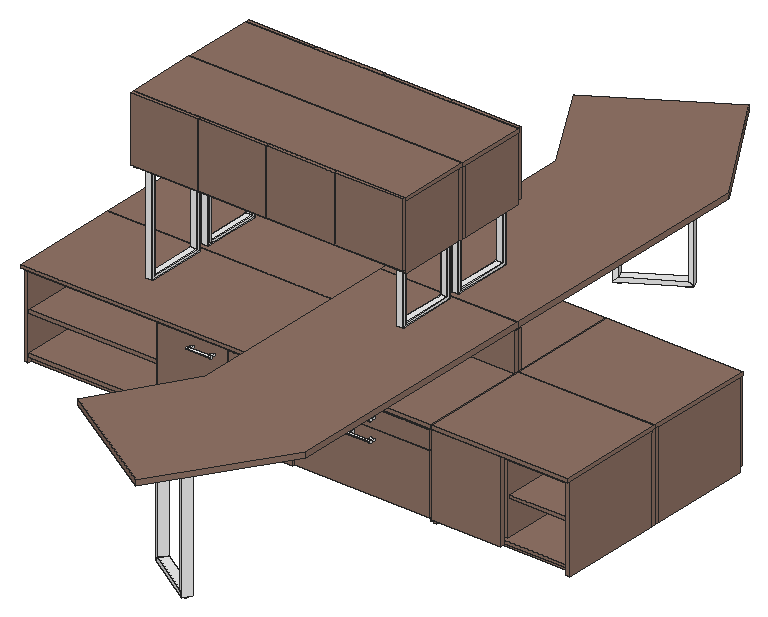
Revit family "VV003family", category Furniture, Revit 2015
Parameters
  Series = "Vision Veneer"
  Manufacturer = "JSI"
  Description = "VV003"
Reference planes (in)
  plane 1 "Center Front/Back": y = 0
  plane 2: z = 0
  plane 3 "Center Left/Right": x = 0
Dimensions and locks (in)
  aligned and locked: level to plane 2
Nested families (in)
  nested 1: "JSI-Vision-90_Bench_Configuration" at (-30, -23.8506351, 0) x (-1, 0, 0) z (0, 0, 1), type "VVB-30BF30HD30OS, Veneer 90"W Mod Bnch BF/HD/OS"
    with BF-R no, BF-L yes
  nested 2: "JSI-Vision-90_Bench_Configuration" at (-120, -23.8506351, 0), type "VVB-30OS30HD30BF, Veneer 90"W Mod Bnch OS/HD/BF"
  nested 3: "JSI-Vision-Modular_Boomerang_Desk_Top-Left" at (-30.0404316, -23.9379193, -1.9202533) x (0, -1, 0) z (0, 0, 1), type "VV3084MBMTL, Veneer Mod Bmrng Top 84"W x 30"D - Left"
    with Wing 1' - 4", Front 1' - 0", Depth 2' - 6"
  nested 4: "JSI-Vision-Modular_Boomerang_Desk_Top-Right" at (-30.0404316, -23.9379193, -1.9202533) x (0, -1, 0) z (0, 0, 1), type "VV3084MBMTR, Veneer Mod Bmrng Top 84"W x 30"D - Right"
    with Wing 1' - 4", Front 1' - 0", Depth 2' - 6"
  nested 5: "JSI-Vision_Bench_Height_T_Sup" at (-23.6012971, -34.732634, 19.5), type "VVB1030TSP, Veneer 30  Bench Height T Supports"
    with Width 2' - 5 5/8"
  nested 6: "JSI-Vision_Bench_Height_T_Sup" at (-66.104566, -13.1006351, 19.5) x (-1, 0, 0) z (0, 0, 1), type "VVB1030TSP, Veneer 30  Bench Height T Supports"
    with Width 2' - 5 5/8"
  nested 7: "JSI-Vision-Sld_Door_Bench_Ped" at (-30, -23.8506351, 0), type "VVB2430SD, Veneer Sld Door Bench H Ped"
  nested 8: "JSI-Vision-Sld_Door_Bench_Ped" at (0, -23.8506351, 0) x (-1, 0, 0) z (0, 0, 1), type "VVB2430SD, Veneer Sld Door Bench H Ped"
  nested 9: "JSI-Vision-U_Base_for_Peninsula_Tops" at (-53.2137783, -89.0540242, -0.7741733) x (0.5446, 0.8387, 0) z (0, 0, 1), type "18US, Stardust Silver U Base for Peninsula Tops, use with 30” deep tops"
  nested 10: "JSI-Vision-U_Base_for_Peninsula_Tops" at (-53.7097567, 43.155938, -0.7964905) x (0.515, -0.8572, 0) z (0, 0, 1), type "18US, Stardust Silver U Base for Peninsula Tops, use with 30” deep tops"
  nested 11: "JSI-Vision-OH_Cab-Split_H_Post" at (-42.1829106, -23.8506351, -10.6270593) x (-1, 0, 0) z (0, 0, 1), type "VV1660PSHD-2737, Veneer Split Height Post Support Overhead Cab. 16" x 60", 4 Doors"
    with Width 5' - 0", Verticall Partition Distance 2' - 6", Unit Centre 2' - 6", Door Width 1' - 2 13/16", Door Array Spacing 1' - 2 15/16"
  nested 12: "JSI-Vision-OH_Cab-Split_H_Post" at (-42.1829106, -23.8506351, -10.6270593) x (-1, 0, 0) z (0, 0, 1), type "VV1660PSHD-2737, Veneer Split Height Post Support Overhead Cab. 16" x 60", 4 Doors"
    with Width 5' - 0", Verticall Partition Distance 2' - 6", Unit Centre 2' - 6", Door Width 1' - 2 13/16", Door Array Spacing 1' - 2 15/16"
Definition of nested family "JSI-Vision-90_Bench_Configuration"
  Parameters (values of type "VLB-30OS30HD30BF, Laminate 90"W Mod Bnch OS/HD/BF")
    Width = 7' - 6"
    URL = "www.jsifurniture.com"
    Top = none
    Tag = "OS-HD-BF"
    Shelf Height = 0' - 8.48844"
    Series = "VISION CASEGOODS"  # constant formula
    Sdr-R = no
    Sdr-L = no
    Sdr-C = yes
    Pull Finish = none
    Model = "VLB-30OS30HD30BF"
    Manufacturer = "JSI"  # constant formula
    Keynote = "12500"
    JSI Enviromental Website = "http://www.jsifurniture.com/jsi_sustainability_intro.php"
    Height = 1' - 7 1/2"
    F-R = no
    F-L = no
    F-C = no
    Drawer Front = none
    Door-R = no
    Door-C = yes
    Door Front = none
    Door-L = no
    Description = "90\"W Modular Bench Height, OS/HD/BF"
    Depth = 2' - 0"
    Chassis = none
    BF-R = yes
    BF-L = no
    Assembly Code = "E2020200"
  Types (2): name | Tag | Model | Description | BF-R | BF-L
    VLB-30OS30HD30BF, Laminate 90"W Mod Bnch OS/HD/BF | "OS-HD-BF" | "VLB-30OS30HD30BF" | "90\"W Modular Bench Height, OS/HD/BF" | yes | no
    VLB-30BF30HD30OS, Laminate 90"W Mod Bnch BF/HD/OS | "BF-HD-OS" | "VLB-30BF30HD30OS" | "90\"W Modular Bench Height, BF/HD/OS" | no | yes
  Reference planes (in)
    plane 1 "Center Front/Back": y = 0
    plane 2: z = 0
    plane 3 "Center Left/Right": x = 0
    plane 4: x = 90
    plane 5: x = 0.1871643
    plane 6: x = 89.8124352
    plane 7: z = 10.425935
    plane 8: z = 19.5
    plane 9: x = 0.75
    plane 10: x = 89.125999
    plane 11: y = -0.8125
    plane 12: y = -23.25
    plane 13: x = 30
    plane 14: z = 18.75
    plane 15: z = 18.6409016
    plane 16: z = 9.675935
    plane 17: z = 1.9374999
    plane 18: z = 1.1874999
    plane 19: y = -23
    plane 20: y = -24
    plane 21: x = 29.25
    plane 22: y = -21.1875
    plane 23: y = -21.9375
    plane 24: z = 1
    plane 25: z = 16.6409016
    plane 26: z = 12.3909016
    plane 27: x = 14.9685822
    plane 28: x = 30.75
    plane 29: x = 29.75
    plane 30: x = 60.25
    plane 31: z = 13.625
    plane 32: z = 11.625
    plane 33: x = 75.0312176
    plane 34: x = 14.8435822
    plane 35: x = 15.0935822
    plane 36: x = 9.3435822
    plane 37: x = 20.5935822
    plane 38: x = 75.1564178
    plane 39: x = 74.9064178
    plane 40: x = 80.6564178
    plane 41: x = 69.4064178
    plane 42: y = -22.75
    plane 43: y = -22.875
    plane 44: x = 60
    plane 45: x = 60.75
    plane 46: x = 59.25
    plane 47: x = 60.25
    plane 48: x = 45.6350365
    plane 49: x = 40.0100365
    plane 50: x = 51.2600365
    plane 51: x = 45.5100365
    plane 52: x = 45.7600365
    plane 53: x = 30.25
    plane 54: x = 59.75
  Forms (in)
    Extrusion 1, solid, material <- "Chassis"
      sketch origin (0, 0, 0) x (1, 0, 0) y (0, 1, 0)
        loop
          line (0, 0) -> (0, -0.8125) -> (90, -0.8125) -> (90, 0) -> (0, 0)
      from 0 to 18.75
    Extrusion 2, solid, material <- "Chassis"
      sketch origin (0.125, -0.1875, 48) x (0, 1, 0) y (0, 0, 1)
        loop
          line (-0.625, -29.25) -> (-22.6875, -29.25) -> (-22.6875, -48) -> (-0.625, -48) -> (-0.625, -29.25)
      from -0.125 to 0.625
    Extrusion 3, solid, material <- "Chassis"
      sketch origin (29.875, -0.1875, 48) x (0, 1, 0) y (0, 0, 1)
        loop
          line (-0.625, -29.25) -> (-22.6875, -29.25) -> (-22.6875, -48) -> (-0.625, -48) -> (-0.625, -29.25)
      from 59.250999 to 60.125
    Extrusion 4, solid, material <- "Chassis"
      sketch origin (0, 0, 0) x (1, 0, 0) y (0, 1, 0)
        loop
          line (0.75, -21.1875) -> (0.75, -21.9375) -> (89.125999, -21.9375) -> (89.125999, -21.1875) -> (0.75, -21.1875)
      from 0 to 1.1874999
    Extrusion 5, solid, material <- "Top"
      sketch origin (0, 0, 0) x (0, 1, 0) y (0, 0, 1)
        loop
          line (0, 18.75) -> (0, 19.5) -> (-24, 19.5) -> (-24, 18.75) -> (0, 18.75)
      from 0 to 90
    Extrusion 6, solid, material <- "Chassis"
      sketch origin (0, 0, 0) x (0, 1, 0) y (0, 0, 1)
        loop
          line (-0.8125, 18.1697085) -> (-0.8125, 18.75) -> (-23.25, 18.75) -> (-23.25, 18.1697085) -> (-0.8125, 18.1697085)
        loop
          line (-0.8125, 1.1874999) -> (-0.8125, 1.9374999) -> (-23, 1.9374999) -> (-23, 1.1874999) -> (-0.8125, 1.1874999)
      from 0.75 to 89.125999
    Extrusion 7, solid, material <- "Door Front", visible <- "Sdr-L"
      sketch origin (0, 0, 0) x (0, 1, 0) y (0, 0, 1)
        loop
          line (-23.25, 1) -> (-23.25, 18.6409016) -> (-24, 18.6409016) -> (-24, 1) -> (-23.25, 1)
      from 0.1871643 to 14.8435822
    Extrusion 8, solid, material <- "Chassis"
      sketch origin (0, 0, 0) x (0, 1, 0) y (0, 0, 1)
        loop
          line (-0.8125, 9.675935) -> (-0.8125, 10.425935) -> (-22.75, 10.425935) -> (-22.75, 9.675935) -> (-0.8125, 9.675935)
      from 0.75 to 29.25
    Extrusion 9, solid, material <- "Chassis"
      sketch origin (0, 0, 0) x (0, 1, 0) y (0, 0, 1)
        loop
          line (-0.8125, 18.1697085) -> (-23.25, 18.1697085) -> (-23.25, 1.9374999) -> (-0.8125, 1.9374999) -> (-0.8125, 18.1697085)
      from 29.25 to 30
    Extrusion 10, solid, material <- "Chassis"
      sketch origin (30, 0, 0) x (0, 1, 0) y (0, 0, -1)
        loop
          line (-0.8125, -9.675935) -> (-22.75, -9.675935) -> (-22.75, -10.425935) -> (-0.8125, -10.425935) -> (-0.8125, -9.675935)
      from -59.125999 to -30.75
    Extrusion 11, solid, material <- "Drawer Front", visible <- "BF-L"
      sketch origin (0, -24, 0.625) x (0, 0, 1) y (-1, 0, 0)
        loop
          line (18.0159016, -0.1871643) -> (13.8909016, -0.1871643) -> (13.8909016, -29.75) -> (18.0159016, -29.75) -> (18.0159016, -0.1871643)
        loop
          line (0.5624999, -0.1871643) -> (0.5624999, -29.75) -> (13.7659016, -29.75) -> (13.7659016, -0.1871643) -> (0.5624999, -0.1871643)
      from -0.75 to 0
    Extrusion 12, solid, material <- "Chassis"
      sketch origin (60, 0, 0) x (0, 1, 0) y (0, 0, -1)
        loop
          line (-0.8125, -18.1697085) -> (-0.8125, -1.9374999) -> (-23.25, -1.9374999) -> (-23.25, -18.1697085) -> (-0.8125, -18.1697085)
      from 29.25 to 30
    Extrusion 13, solid, material <- "Drawer Front", visible <- "BF-R"
      sketch origin (60, -24, 0.625) x (0, 0, 1) y (-1, 0, 0)
        loop
          line (18.0159016, -29.8124352) -> (18.0159016, -0.25) -> (13.8909016, -0.25) -> (13.8909016, -29.8124352) -> (18.0159016, -29.8124352)
        loop
          line (0.5624999, -29.8124352) -> (13.7659016, -29.8124352) -> (13.7659016, -0.25) -> (0.5624999, -0.25) -> (0.5624999, -29.8124352)
      from -0.75 to 0
    Extrusion 14, solid, material <- "Drawer Front", visible <- "F-L"
      sketch origin (0, -24, 0.625) x (0, 0, 1) y (-1, 0, 0)
        loop
          line (0.375, -0.1871643) -> (0.375, -29.75) -> (13, -29.75) -> (13, -0.1871643) -> (0.375, -0.1871643)
      from -0.75 to 0
    Extrusion 15, solid, material <- "Drawer Front", visible <- "F-R"
      sketch origin (60, -24, 0.625) x (0, 0, 1) y (-1, 0, 0)
        loop
          line (0.375, -29.8124352) -> (13, -29.8124352) -> (13, -0.25) -> (0.375, -0.25) -> (0.375, -29.8124352)
      from -0.75 to 0
    Extrusion 16, solid, material <- "Door Front", visible <- "Door-L"
      sketch origin (29.9371643, 0, 0) x (0, 1, 0) y (0, 0, -1)
        loop
          line (-23.25, -1) -> (-24, -1) -> (-24, -18.6409016) -> (-23.25, -18.6409016) -> (-23.25, -1)
      from 0.1871643 to 14.8435822
    Extrusion 17, solid, material <- "Door Front", visible <- "Door-R"
      sketch origin (60, 0, 0) x (0, 1, 0) y (0, 0, -1)
        loop
          line (-23.25, -1) -> (-24, -1) -> (-24, -18.6409016) -> (-23.25, -18.6409016) -> (-23.25, -1)
      from -29.8124352 to -15.1564178
    Extrusion 18, solid, material <- "Door Front", visible <- "Sdr-R"
      sketch origin (30.0628357, 0, 0) x (0, 1, 0) y (0, 0, 1)
        loop
          line (-23.25, 1) -> (-23.25, 18.6409016) -> (-24, 18.6409016) -> (-24, 1) -> (-23.25, 1)
      from 30.1871643 to 44.8435822
    Extrusion 19, solid, material <- "Chassis"
      sketch origin (90, 0, 0) x (0, 1, 0) y (0, 0, -1)
        loop
          line (-0.8125, -18.1697085) -> (-0.8125, -1.9374999) -> (-23.25, -1.9374999) -> (-23.25, -18.1697085) -> (-0.8125, -18.1697085)
      from 29.25 to 30
    Extrusion 20, solid, material <- "Chassis"
      sketch origin (30, 0, 0) x (0, 1, 0) y (0, 0, 1)
        loop
          line (-0.8125, 18.1697085) -> (-23.25, 18.1697085) -> (-23.25, 1.9374999) -> (-0.8125, 1.9374999) -> (-0.8125, 18.1697085)
      from 29.25 to 30
    Extrusion 21, solid, material <- "Chassis"
      sketch origin (90, 0, 0) x (0, 1, 0) y (0, 0, 1)
        loop
          line (-0.8125, 9.675935) -> (-0.8125, 10.425935) -> (-22.75, 10.425935) -> (-22.75, 9.675935) -> (-0.8125, 9.675935)
      from -59.25 to -30.75
    Extrusion 22, solid, material <- "Door Front", visible <- "Sdr-C"
      sketch origin (0, 0, 0) x (0, 1, 0) y (0, 0, 1)
        loop
          line (-23.25, 1) -> (-23.25, 18.6409016) -> (-24, 18.6409016) -> (-24, 1) -> (-23.25, 1)
      from 30.25 to 45.5100365
    Extrusion 23, solid, material <- "Door Front", visible <- "Door-C"
      sketch origin (29.9371643, 0, 0) x (0, 1, 0) y (0, 0, -1)
        loop
          line (-23.25, -1) -> (-24, -1) -> (-24, -18.6409016) -> (-23.25, -18.6409016) -> (-23.25, -1)
      from -29.8128357 to -15.8228722
    Extrusion 24, solid, material <- "Drawer Front", visible <- "F-C"
      sketch origin (30.2914543, -24, 0.625) x (0, 0, 1) y (-1, 0, 0)
        loop
          line (0.375, 0.0414543) -> (0.375, -29.4585457) -> (13, -29.4585457) -> (13, 0.0414543) -> (0.375, 0.0414543)
      from -0.75 to 0
  Lines and regions (in)
    symbolic lines
      curve 1: line (0, 0, 0) -> (90, 0, 0)
      curve 2: line (0, -23.875, 0) -> (0, 0, 0)
      curve 3: line (90, -23.875, 0) -> (0, -23.875, 0)
      curve 4: line (90, 0, 0) -> (90, -23.875, 0)
  Dimensions and locks (in)
    "Height": plane 8 to level
    plane 15 to plane 14 to plane 8 = 0' - 0.1091" locked, 0' - 0 3/4" locked
    plane 10 to plane 6 to plane 4 = 0' - 0.68644" locked, 0' - 0.18756" locked
    plane 3 "Center Left/Right" to plane 5 to plane 9 = 0' - 0.18716" locked, 0' - 0.56284" locked
    "Width": plane 3 "Center Left/Right" to plane 4
    locked: plane 1 "Center Front/Back" to plane 11 at 0.8125
    plane 17 to plane 18 to level = 0' - 0 3/4" locked, 0' - 1 3/16" locked
    "Depth": plane 1 "Center Front/Back" to plane 20
    locked: plane 24 to level at 1
    Extrusion 11 sketch curve to Extrusion 11 sketch curve to Extrusion 11 sketch curve to Extrusion 11 sketch curve = 0' - 4 1/8" locked, 0' - 0 1/8" locked, 1' - 1.2034" locked
    locked: plane 15 to plane 25 at 2
    Extrusion 13 sketch curve to Extrusion 13 sketch curve to Extrusion 13 sketch curve to Extrusion 13 sketch curve = 0' - 4 1/8" locked, 0' - 0 1/8" locked, 1' - 1.2034" locked
    locked: plane 7 to plane 16 at 0.75
    "Shelf Height": plane 7 to plane 17
    locked: Extrusion 14 sketch curve to Extrusion 11 at 12.4375001
    locked: plane 31 to plane 32 at 2
    equal spacing: plane 30, plane 33, plane 6
    plane 35 to plane 27 to plane 34 = 0' - 0 1/8" locked, 0' - 0 1/8" locked
    locked: plane 34 to plane 36 at 5.5
    locked: plane 35 to plane 37 at 5.5
    locked: plane 38 to plane 40 at 5.5
    locked: plane 39 to plane 41 at 5.5
    plane 38 to plane 33 to plane 39 = 0' - 0.1252" locked, 0' - 0.1248" locked
    equal spacing: plane 5, plane 27, plane 29
    plane 22 to plane 23 to plane 42 to plane 43 to plane 19 to plane 12 to plane 20 = 0' - 0 3/4" locked, 0' - 0 13/16" locked, 0' - 0 1/8" locked, 0' - 0 1/8" locked, 0' - 0 1/4" locked, 0' - 0 3/4" locked
    locked: plane 30 to plane 4 at 29.75
    locked: plane 29 to plane 3 "Center Left/Right" at 29.75
    equal spacing: plane 4, plane 44, plane 13, plane 3 "Center Left/Right"
    plane 52 to plane 48 to plane 51 = 0' - 0 1/8" locked, 0' - 0 1/8" locked
    locked: plane 51 to plane 49 at 5.5
    locked: plane 52 to plane 50 at 5.5
    locked: plane 13 to plane 53 at 0.25
    locked: plane 44 to plane 54 at 0.25
    aligned and locked: level to plane 2
    aligned and locked: Extrusion 1 sketch curve to plane 11
    aligned and locked: plane 11 to Extrusion 2 sketch curve
    aligned and locked: Extrusion 2 sketch curve to level
    aligned and locked: Extrusion 3 sketch curve to plane 11
    aligned and locked: level to Extrusion 3 sketch curve
    aligned and locked: plane 9 to Extrusion 4 sketch curve
    aligned and locked: plane 14 to Extrusion 1
    aligned and locked: Extrusion 1 to plane 1 "Center Front/Back"
    aligned and locked: plane 3 "Center Left/Right" to curve 2
    aligned and locked: Extrusion 1 to plane 3 "Center Left/Right"
    aligned and locked: plane 1 "Center Front/Back" to curve 1
    aligned and locked: plane 4 to Extrusion 1
    aligned and locked: curve 4 to plane 4
    aligned and locked: Extrusion 5 sketch curve to plane 1 "Center Front/Back"
    aligned and locked: plane 8 to Extrusion 5 sketch curve
    aligned and locked: Extrusion 5 sketch curve to plane 14
    aligned and locked: plane 11 to Extrusion 6 sketch curve  (x2)
    aligned and locked: plane 14 to Extrusion 6 sketch curve
    aligned and locked: Extrusion 6 sketch curve to plane 12
    aligned and locked: plane 17 to Extrusion 6 sketch curve
    aligned and locked: Extrusion 6 sketch curve to plane 18
    aligned and locked: Extrusion 3 to plane 10
    aligned and locked: plane 4 to Extrusion 3
    aligned and locked: plane 20 to nested 1
    aligned and locked: plane 4 to Extrusion 5
    aligned and locked: plane 18 to Extrusion 4
    aligned and locked: plane 22 to Extrusion 4
    aligned and locked: Extrusion 4 to plane 23
    aligned and locked: Extrusion 5 to plane 20
    aligned and locked: Extrusion 7 sketch curve to plane 15
    aligned and locked: plane 12 to Extrusion 7 sketch curve
    aligned and locked: Extrusion 7 sketch curve to plane 20
    aligned and locked: Extrusion 6 to plane 19
    aligned and locked: plane 11 to Extrusion 8 sketch curve
    aligned and locked: plane 7 to Extrusion 8 sketch curve
    aligned and locked: Extrusion 8 sketch curve to plane 16
    aligned and locked: Extrusion 8 to plane 9
    aligned and locked: Extrusion 8 to plane 21
    aligned and locked: Extrusion 6 to Extrusion 9 sketch curve
    aligned and locked: plane 17 to Extrusion 9 sketch curve
    aligned and locked: Extrusion 9 sketch curve to plane 11
    aligned and locked: plane 21 to Extrusion 9
    aligned and locked: Extrusion 10 to plane 7
    aligned and locked: plane 16 to Extrusion 10
    aligned and locked: plane 10 to Extrusion 10
    aligned and locked: plane 11 to Extrusion 10
    aligned and locked: Extrusion 10 to Extrusion 8
    aligned and locked: plane 10 to Extrusion 6
    aligned and locked: Extrusion 11 sketch curve to Extrusion 11 sketch curve  (x2)
    aligned and locked: plane 12 to Extrusion 11
    aligned and locked: Extrusion 11 to plane 20
    aligned and locked: plane 24 to Extrusion 7
    aligned and locked: plane 28 to Extrusion 12
    aligned and locked: plane 13 to Extrusion 12
    aligned and locked: plane 29 to Extrusion 11  (x4)
    aligned and locked: plane 5 to Extrusion 11
    aligned and locked: Extrusion 13 sketch curve to Extrusion 13 sketch curve  (x2)
    aligned and locked: plane 30 to Extrusion 13
    aligned and locked: Extrusion 13 to plane 6
    aligned and locked: plane 24 to Extrusion 14 sketch curve
    aligned and locked: Extrusion 14 sketch curve to plane 5
    aligned and locked: Extrusion 14 sketch curve to plane 29
    aligned and locked: plane 12 to Extrusion 14
    aligned and locked: Extrusion 14 to plane 20
    aligned and locked: Extrusion 9 to plane 13
    aligned and locked: plane 31 to Extrusion 14
    aligned and locked: nested 2 to plane 27
    aligned and locked: plane 25 to nested 2
    aligned and locked: nested 3 to plane 27
    aligned and locked: plane 26 to nested 3
    aligned and locked: plane 32 to nested 4
    aligned and locked: nested 4 to plane 27
    aligned and locked: nested 2 to plane 20
    aligned and locked: nested 3 to plane 20
    aligned and locked: nested 4 to plane 20
    aligned and locked: plane 33 to nested 5
    aligned and locked: plane 33 to nested 6
    aligned and locked: plane 33 to nested 7
    aligned and locked: plane 25 to nested 5
    aligned and locked: plane 26 to nested 6
    aligned and locked: plane 32 to nested 7
    aligned and locked: plane 20 to nested 5
    aligned and locked: plane 20 to nested 6
    aligned and locked: plane 20 to nested 7
    aligned and locked: Extrusion 7 to plane 34
    aligned and locked: plane 35 to Extrusion 16
    aligned and locked: Extrusion 16 to plane 15
    aligned and locked: plane 12 to Extrusion 16
    aligned and locked: Extrusion 16 to plane 20
    aligned and locked: plane 25 to nested 8
    aligned and locked: nested 8 to plane 36
    aligned and locked: nested 9 to plane 37
    aligned and locked: nested 9 to plane 25
    aligned and locked: nested 10 to plane 40
    aligned and locked: nested 11 to plane 41
    aligned and locked: Extrusion 18 to plane 39
    aligned and locked: plane 38 to Extrusion 17
    aligned and locked: plane 30 to Extrusion 18
    aligned and locked: Extrusion 17 to plane 6
    aligned and locked: Extrusion 17 to plane 15
    aligned and locked: plane 24 to Extrusion 17
    aligned and locked: plane 12 to Extrusion 17
    aligned and locked: Extrusion 17 to plane 20
    aligned and locked: plane 12 to Extrusion 18
    aligned and locked: Extrusion 18 to plane 20
    aligned and locked: Extrusion 18 to plane 15
    aligned and locked: plane 24 to Extrusion 18
    aligned and locked: plane 30 to Extrusion 15
    aligned and locked: Extrusion 15 to plane 6
    aligned and locked: plane 29 to Extrusion 16
    aligned and locked: Extrusion 9 to plane 12
    aligned and locked: Extrusion 12 to plane 12
    aligned and locked: Extrusion 8 to plane 42
    aligned and locked: Extrusion 2 to plane 43
    aligned and locked: Extrusion 3 to plane 43
    aligned and locked: plane 45 to Extrusion 19
    aligned and locked: plane 46 to Extrusion 20
    aligned and locked: Extrusion 20 to plane 44
    aligned and locked: plane 44 to Extrusion 19
    aligned and locked: Extrusion 10 to plane 45
    aligned and locked: Extrusion 21 to plane 28
    aligned and locked: Extrusion 21 to plane 46
    aligned and locked: plane 11 to Extrusion 21
    aligned and locked: Extrusion 21 to plane 42
    aligned and locked: Extrusion 21 to plane 7
    aligned and locked: nested 12 to plane 49
    aligned and locked: nested 13 to plane 50
    aligned and locked: Extrusion 22 to plane 51
    aligned and locked: plane 52 to Extrusion 23
    aligned and locked: plane 53 to Extrusion 22
    aligned and locked: plane 54 to Extrusion 23
    aligned and locked: plane 53 to Extrusion 24
    aligned and locked: plane 31 to Extrusion 24
    aligned and locked: Extrusion 24 to plane 24
    aligned and locked: plane 54 to Extrusion 24
    aligned and locked: nested 1 to plane 48
  Automatic sketch dimensions
    plane 20 to curve 4 = 0' - 0 1/8"
    Extrusion 1 sketch curve to plane 3 "Center Left/Right" = 0' - 0"
    Extrusion 1 sketch curve to plane 4 = 0' - 0"
    plane 1 "Center Front/Back" to Extrusion 1 sketch curve = 0' - 0"
    Extrusion 2 sketch curve to plane 14 = 0' - 0"
    Extrusion 2 sketch curve to plane 43 = 0' - 0"
    Extrusion 3 sketch curve to plane 14 = 0' - 0"
    Extrusion 3 sketch curve to plane 43 = 0' - 0"
    Extrusion 4 sketch curve to plane 10 = 0' - 0"
    Extrusion 4 sketch curve to plane 23 = 0' - 0"
    Extrusion 4 sketch curve to plane 22 = 0' - 0"
    Extrusion 5 sketch curve to plane 20 = 0' - 0"
    Extrusion 6 sketch curve to plane 19 = 0' - 0"
    plane 15 to Extrusion 6 sketch curve = 0' - 0.47119"
    Extrusion 7 sketch curve to plane 24 = 0' - 0"
    Extrusion 8 sketch curve to plane 42 = 0' - 0"
    Extrusion 9 sketch curve to plane 12 = 0' - 0"
    Extrusion 10 sketch curve to plane 16 = 0' - 0"
    Extrusion 10 sketch curve to plane 42 = 0' - 0"
    Extrusion 10 sketch curve to plane 7 = 0' - 0"
    Extrusion 10 sketch curve to plane 11 = 0' - 0"
    plane 5 to Extrusion 11 sketch curve = 0' - 0"
    Extrusion 11 sketch curve to plane 18 = 0' - 0"
    Extrusion 11 sketch curve to plane 29 = 0' - 0"
    Extrusion 12 sketch curve to plane 12 = 0' - 0"
    Extrusion 12 sketch curve to plane 11 = 0' - 0"
    Extrusion 12 sketch curve to plane 17 = 0' - 0"
    plane 15 to Extrusion 12 sketch curve = 0' - 0.47119"
    plane 6 to Extrusion 13 sketch curve = 0' - 0"
    Extrusion 13 sketch curve to plane 18 = 0' - 0"
    plane 30 to Extrusion 13 sketch curve = 0' - 0"
    Extrusion 11 to Extrusion 15 sketch curve = 0' - 0 3/16"
    Extrusion 15 sketch curve to Extrusion 11 = 0' - 0.7659"
    Extrusion 11 to Extrusion 15 sketch curve = 5' - 0.06244"
    Extrusion 15 sketch curve to Extrusion 15 sketch curve = 2' - 5.56244"
    Extrusion 16 sketch curve to plane 20 = 0' - 0"
    Extrusion 16 sketch curve to plane 12 = 0' - 0"
    plane 15 to Extrusion 16 sketch curve = 0' - 0"
    plane 24 to Extrusion 16 sketch curve = 0' - 0"
    Extrusion 17 sketch curve to plane 20 = 0' - 0"
    Extrusion 17 sketch curve to plane 12 = 0' - 0"
    plane 15 to Extrusion 17 sketch curve = 0' - 0"
    plane 24 to Extrusion 17 sketch curve = 0' - 0"
    Extrusion 18 sketch curve to plane 20 = 0' - 0"
    Extrusion 18 sketch curve to plane 12 = 0' - 0"
    Extrusion 18 sketch curve to plane 24 = 0' - 0"
    plane 15 to Extrusion 18 sketch curve = 0' - 0"
    Extrusion 19 sketch curve to plane 12 = 0' - 0"
    Extrusion 19 sketch curve to plane 11 = 0' - 0"
    Extrusion 19 sketch curve to plane 17 = 0' - 0"
    plane 15 to Extrusion 19 sketch curve = 0' - 0.47119"
    Extrusion 20 sketch curve to plane 12 = 0' - 0"
    Extrusion 20 sketch curve to plane 11 = 0' - 0"
    Extrusion 20 sketch curve to plane 17 = 0' - 0"
    plane 15 to Extrusion 20 sketch curve = 0' - 0.47119"
    Extrusion 21 sketch curve to plane 16 = 0' - 0"
    Extrusion 21 sketch curve to plane 42 = 0' - 0"
    plane 7 to Extrusion 21 sketch curve = 0' - 0"
    Extrusion 21 sketch curve to plane 11 = 0' - 0"
    Extrusion 22 sketch curve to plane 20 = 0' - 0"
    Extrusion 22 sketch curve to plane 12 = 0' - 0"
    Extrusion 22 sketch curve to plane 24 = 0' - 0"
    plane 15 to Extrusion 22 sketch curve = 0' - 0"
    Extrusion 23 sketch curve to plane 20 = 0' - 0"
    Extrusion 23 sketch curve to plane 12 = 0' - 0"
    plane 15 to Extrusion 23 sketch curve = 0' - 0"
    plane 24 to Extrusion 23 sketch curve = 0' - 0"
    Extrusion 11 to Extrusion 24 sketch curve = 0' - 0 3/16"
    Extrusion 24 sketch curve to Extrusion 11 = 0' - 0.7659"
    Extrusion 11 to Extrusion 24 sketch curve = 2' - 6"
    Extrusion 11 to Extrusion 24 sketch curve = 0' - 0 1/2"
  Nested families (in)
    nested 1: "Label 1-16" at (45.6350365, -24, 0), type "DRWCFG"
    nested 2: "Bar Pull" at (14.9685822, -24, 16.6409016), Pull Finish <- "Pull Finish", visible <- "BF-L", type "PL"
      with Pull Finish none
    nested 3: "Bar Pull" at (14.9685822, -24, 12.3909016), Pull Finish <- "Pull Finish", visible <- "BF-L", type "PL"
      with Pull Finish none
    nested 4: "Bar Pull" at (14.9685822, -24, 11.625), Pull Finish <- "Pull Finish", visible <- "F-L", type "PL"
      with Pull Finish none
    nested 5: "Bar Pull" at (75.0312176, -24, 16.6409016) x (-1, 0, 0) z (0, 0, 1), Pull Finish <- "Pull Finish", visible <- "BF-R", type "PL"
      with Pull Finish none
    nested 6: "Bar Pull" at (75.0312176, -24, 12.3909016) x (-1, 0, 0) z (0, 0, 1), Pull Finish <- "Pull Finish", visible <- "BF-R", type "PL"
      with Pull Finish none
    nested 7: "Bar Pull" at (75.0312176, -24, 11.625) x (-1, 0, 0) z (0, 0, 1), Pull Finish <- "Pull Finish", visible <- "F-R", type "PL"
      with Pull Finish none
    nested 8: "Bar Pull" at (9.3435822, -24, 16.6409016), Pull Finish <- "Pull Finish", visible <- "Sdr-L", type "PL"
      with Pull Finish none
    nested 9: "Bar Pull" at (20.5935822, -24, 16.6409016) x (-1, 0, 0) z (0, 0, 1), Pull Finish <- "Pull Finish", visible <- "Door-L", type "PL"
      with Pull Finish none
    nested 10: "Bar Pull" at (80.6564178, -24, 16.6409016) x (-1, 0, 0) z (0, 0, 1), Pull Finish <- "Pull Finish", visible <- "Door-R", type "PL"
      with Pull Finish none
    nested 11: "Bar Pull" at (69.4064178, -24, 16.6409016), Pull Finish <- "Pull Finish", visible <- "Sdr-R", type "PL"
      with Pull Finish none
    nested 12: "Bar Pull" at (40.0100365, -24, 16.6409016), Pull Finish <- "Pull Finish", visible <- "Sdr-C", type "PL"
      with Pull Finish none
    nested 13: "Bar Pull" at (51.2600365, -24, 16.6409016) x (-1, 0, 0) z (0, 0, 1), Pull Finish <- "Pull Finish", visible <- "Door-C", type "PL"
      with Pull Finish none
    nested 14: "Bar Pull" at (45.6350365, -24, 11.625), Pull Finish <- "Pull Finish", visible <- "F-C", type "PL"
      with Pull Finish none
  Definition of nested family "Bar Pull"
    Parameters
      Pull Finish [instance] = none
    Reference planes (in)
      plane 1 "Center Front/Back": y = 0
      plane 2: z = 0
      plane 3 "Center Left/Right": x = 0
      plane 4: x = -2.6873071
      plane 5: x = -1.8873079
      plane 6: x = 2.6873071
      plane 7: x = 1.8873079
      plane 8: y = -1
      plane 9: y = -0.8520212
    Forms (in)
      Extrusion 1, solid, material <- "Pull Finish"
        sketch origin (0, 0, 0) x (0, 1, 0) y (0, 0, 1)
          loop
            line (0, -0.2014997) -> (0, 0.2014997) -> (-0.8520212, 0.2014997)
            arc (-0.8520212, 0.2014997) -> (-0.75, 0) -> (-0.8520212, -0.2014997) r 0.2499992
            line (-0.8520212, -0.2014997) -> (0, -0.2014997)
        from 1.8873079 to 2.6873071
      Extrusion 2, solid, material <- "Pull Finish"
        sketch origin (0, 0, 0) x (0, 1, 0) y (0, 0, 1)
          loop
            circle (-1, 0) r 0.25
        from -2.6873071 to 2.6873071
      Extrusion 3, solid, material <- "Pull Finish"
        sketch origin (0, 0, 0) x (0, 1, 0) y (0, 0, -1)
          loop
            line (0, 0.2014997) -> (-0.8520212, 0.2014997)
            arc (-0.8520212, 0.2014997) -> (-0.75, 0) -> (-0.8520212, -0.2014997) r 0.2499992
            line (-0.8520212, -0.2014997) -> (0, -0.2014997) -> (0, 0.2014997)
        from 1.8873079 to 2.6873071
    Dimensions and locks (in)
      plane 4 to plane 5 to plane 3 "Center Left/Right" to plane 7 to plane 6 = 0' - 0.8" locked, 0' - 1.88731" locked, 0' - 1.88731" locked, 0' - 0.8" locked
      plane 8 to plane 9 to plane 1 "Center Front/Back" = 0' - 0.14798" locked, 0' - 0.85202" locked
      aligned and locked: level to plane 2
      aligned and locked: plane 4 to Extrusion 3
      aligned and locked: Extrusion 3 to plane 5
      aligned and locked: plane 4 to Extrusion 2
      aligned and locked: Extrusion 1 to plane 7
      aligned and locked: plane 6 to Extrusion 1
      aligned and locked: plane 6 to Extrusion 2
      aligned and locked: plane 8 to Extrusion 2 sketch curve
      aligned and locked: Extrusion 3 to plane 1 "Center Front/Back"
      aligned and locked: Extrusion 1 to plane 1 "Center Front/Back"
      aligned and locked: plane 5 to Extrusion 3
      aligned and locked: Extrusion 3 to plane 4
      aligned and locked: Extrusion 2 to plane 4
      aligned and locked: plane 7 to Extrusion 1
      aligned and locked: Extrusion 1 to plane 6
      aligned and locked: Extrusion 2 to plane 6
  Definition of nested family "Label 1-16"
    Parameters
      Width = 0' - 1"
      Model Name = "DOOR"
    Reference planes (in)
      plane 1: y = 0
      plane 2: x = 0
    Text (in)
      label "XX" at (0.0005059, -0.1232411, 0), shows "Model Name"
Definition of nested family "JSI-Vision-Modular_Boomerang_Desk_Top-Left"
  Parameters (values of type "Boomerang Top Left - Type Catalog Family")
    Worksurface = none
    Wing = if(Depth > 2' 0", Width - 5' 8", Width - 5' 11")  # 1' - 1"
    Width = 7' - 0"
    URL = "www.jsifurniture.com"
    Type Comments = ""
    Series = "VISION CASEGOODS"  # constant formula
    Model = "VL2484MBMTL"
    Material = ""
    Manufacturer = "JSI"  # constant formula
    Keynote = "12500"
    JSI Enviromental Website = "http://www.jsifurniture.com/jsi_sustainability_intro.php"
    Height = 2' - 6"
    Front = if(Depth > 2' 0", Wing - 0' 4", Wing)  # 1' - 1"
    Description = "Laminate Modular Boomerang Top 84\"W x 24\"D - Left"
    Depth = 2' - 0"
    Assembly Code = "E2020200"
  Reference planes (in)
    plane 1 "Center Front/Back": y = 0
    plane 2: z = 0
    plane 3 "Center Left/Right": x = 0
    plane 4: z = 0
    plane 5: x = 84
    plane 6: y = -24
    plane 7: z = 31.1875
    plane 8: z = 30
    plane 9: y = -37
    plane 10: y = -16.608
    plane 11: x = 71
    plane 12: x = 51
    plane 13: x = 58
  Forms (in)
    Extrusion 1, solid, material <- "Worksurface"
      sketch origin (0, 0, 0) x (1, 0, 0) y (0, 1, 0)
        loop
          line (0, 0) -> (0, -24) -> (51, -24) -> (71, -37) -> (84, -16.608) -> (58, 0) -> (0, 0)
      from 30 to 31.1875
  Lines and regions (in)
    symbolic lines
      curve 1: line (0, 0, 0) -> (0, -24, 0)
      curve 2: line (0, -24, 0) -> (51, -24, 0)
      curve 3: line (51, -24, 0) -> (71, -37, 0)
      curve 4: line (71, -37, 0) -> (84, -16.608, 0)
      curve 5: line (84, -16.608, 0) -> (58, 0, 0)
      curve 6: line (58, 0, 0) -> (0, 0, 0)
  Dimensions and locks (in)
    "Depth": plane 6 to plane 1 "Center Front/Back"
    "Width": plane 5 to plane 3 "Center Left/Right"
    locked: plane 7 to plane 8 at 1.1875
    "Height": plane 8 to level
    "Wing": plane 11 to plane 5
    "Front": plane 6 to plane 9
    locked: plane 12 to plane 11 at 20
    aligned and locked: level to plane 2
    aligned and locked: Extrusion 1 sketch curve to plane 6
    aligned and locked: Extrusion 1 sketch curve to plane 3 "Center Left/Right"
    aligned and locked: Extrusion 1 sketch curve to plane 1 "Center Front/Back"
    aligned and locked: plane 13 to Extrusion 1 sketch curve
    aligned and locked: plane 5 to Extrusion 1 sketch curve
    aligned and locked: plane 10 to Extrusion 1 sketch curve
    aligned and locked: plane 11 to Extrusion 1 sketch curve
    aligned and locked: plane 9 to Extrusion 1 sketch curve
    aligned and locked: Extrusion 1 to plane 7
    aligned and locked: Extrusion 1 to plane 8
  Automatic sketch dimensions
    Extrusion 1 sketch curve to plane 12 = 0' - 0"
    Extrusion 1 sketch curve to plane 13 = 0' - 0"
    plane 1 "Center Front/Back" to curve 1 = 0' - 0"
    curve 1 to plane 3 "Center Left/Right" = 0' - 0"
    curve 2 to plane 6 = 0' - 0"
    curve 2 to plane 12 = 0' - 0"
    curve 6 to plane 13 = 0' - 0"
    curve 4 to plane 9 = 0' - 0"
    curve 4 to plane 11 = 0' - 0"
    curve 5 to plane 5 = 0' - 0"
    plane 10 to curve 4 = 0' - 0"
Definition of nested family "JSI-Vision-Modular_Boomerang_Desk_Top-Right"
  Parameters (values of type "Boomerang Top Right - Type Catalog Family")
    Worksurface = none
    Wing = if(Depth > 2' 0", Width - 5' 8", Width - 5' 11")  # 1' - 1"
    Width = 7' - 0"
    URL = "www.jsifurniture.com"
    Type Comments = ""
    Series = "VISION CASEGOODS"  # constant formula
    Model = "VL2484MBMTR"
    Material = ""
    Manufacturer = "JSI"  # constant formula
    Keynote = "12500"
    JSI Enviromental Website = "http://www.jsifurniture.com/jsi_sustainability_intro.php"
    Height = 2' - 6"
    Front = if(Depth > 2' 0", Wing - 0' 4", Wing)  # 1' - 1"
    Description = "Laminate Modular Boomerang Top 84\"W x 24\"D - Right"
    Depth = 2' - 0"
    Assembly Code = "E2020200"
  Reference planes (in)
    plane 1 "Center Front/Back": y = 0
    plane 2: z = 0
    plane 3 "Center Left/Right": x = 0
    plane 4: z = 0
    plane 5: y = -24
    plane 6: z = 31.1875
    plane 7: z = 30
    plane 8: y = -37
    plane 9: y = -16.608
    plane 10: x = -84
    plane 11: x = -71
    plane 12: x = -51
    plane 13: x = -58
  Forms (in)
    Extrusion 1, solid, material <- "Worksurface"
      sketch origin (0, 0, 0) x (-1, 0, 0) y (0, -1, 0)
        loop
          line (0, 0) -> (58, 0) -> (84, 16.608) -> (71, 37) -> (51, 24) -> (0, 24) -> (0, 0)
      from 30 to 31.1875
  Lines and regions (in)
    symbolic lines
      curve 1: line (0, 0, 0) -> (0, -24, 0)
      curve 2: line (0, -24, 0) -> (-51, -24, 0)
      curve 3: line (-51, -24, 0) -> (-71, -37, 0)
      curve 4: line (-71, -37, 0) -> (-84, -16.608, 0)
      curve 5: line (-84, -16.608, 0) -> (-58, 0, 0)
      curve 6: line (-58, 0, 0) -> (0, 0, 0)
  Dimensions and locks (in)
    "Depth": plane 5 to plane 1 "Center Front/Back"
    locked: plane 6 to plane 7 at 1.1875
    "Height": plane 7 to level
    "Front": plane 5 to plane 8
    "Wing": plane 11 to plane 10
    locked: plane 12 to plane 11 at 20
    "Width": plane 10 to plane 3 "Center Left/Right"
    aligned and locked: level to plane 2
    aligned and locked: plane 13 to Extrusion 1 sketch curve
    aligned and locked: plane 10 to Extrusion 1 sketch curve
    aligned and locked: plane 11 to Extrusion 1 sketch curve
  Automatic sketch dimensions
    plane 9 to curve 5 = 0' - 0"
    curve 5 to plane 10 = 0' - 0"
    curve 4 to plane 8 = 0' - 0"
    curve 4 to plane 11 = 0' - 0"
    plane 1 "Center Front/Back" to curve 6 = 0' - 0"
    curve 6 to plane 13 = 0' - 0"
    curve 2 to plane 5 = 0' - 0"
    curve 2 to plane 12 = 0' - 0"
    curve 1 to plane 3 "Center Left/Right" = 0' - 0"
    Extrusion 1 sketch curve to plane 3 "Center Left/Right" = 0' - 0"
    Extrusion 1 sketch curve to plane 5 = 0' - 0"
    Extrusion 1 sketch curve to plane 12 = 0' - 0"
    plane 1 "Center Front/Back" to Extrusion 1 sketch curve = 0' - 0"
    Extrusion 1 sketch curve to plane 13 = 0' - 0"
    plane 9 to Extrusion 1 sketch curve = 0' - 0"
    Extrusion 1 sketch curve to plane 8 = 0' - 0"
Definition of nested family "JSI-Vision_Bench_Height_T_Sup"
  Parameters (values of type "Bench Height T Support - Type Catalog Family")
    Chassis = none
    Width = 1' - 11 5/8"
    URL = "www.jsifurniture.com"
    Type Comments = ""
    Series = "VISION CASEGOODS"  # constant formula
    Model = "VLB1024TSP"
    Material = ""
    Manufacturer = "JSI"  # constant formula
    Keynote = "12500"
    JSI Enviromental Website = "http://www.jsifurniture.com/jsi_sustainability_intro.php"
    Height = 0' - 8 5/16"
    Grommet Finish = none
    Description = "Bench Height \"T\" Supports, Depth 9 3/4\"”, Width 23 5/8\"”,Height 8 5/16\"”, Laminate Worksurface"
    Depth = 0' - 9 3/4"
    Assembly Code = "E2020200"
  Reference planes (in)
    plane 1: z = 0
    plane 2 "Center (Left/Right)": x = -36.0641344
    plane 3: z = 8.3125
    plane 4: y = 1
    plane 5 "Center (Front/Back)": y = 10.75
    plane 6: x = -24.2516344
    plane 7: x = -12.4391344
    plane 8: z = 6.9211195
    plane 9: y = 10
    plane 10: y = 8
    plane 11: z = 6.875
    plane 12: x = -23.8766344
    plane 13: x = -24.6266344
  Forms (in)
    Extrusion 1, solid, material <- "Chassis"
      sketch origin (0, 10.75, 0) x (1, 0, 0) y (0, 0, 1)
        loop
          line (-36.0641344, 8.3125) -> (-36.0641344, 0) -> (-12.4391344, 0) -> (-12.4391344, 8.3125) -> (-22.2719669, 8.3125) -> (-22.2719669, 7.1711195)
          arc (-22.2719669, 7.1711195) -> (-22.3451902, 6.9943428) -> (-22.5219669, 6.9211195) r 0.25
          line (-22.5219669, 6.9211195) -> (-25.981302, 6.9211195)
          arc (-25.981302, 6.9211195) -> (-26.1580787, 6.9943428) -> (-26.231302, 7.1711195) r 0.25
          line (-26.231302, 7.1711195) -> (-26.231302, 8.3125) -> (-36.0641344, 8.3125)
      from 0 to 0.75
    Extrusion 2, solid, material <- "Chassis"
      sketch origin (-36.0641344, 0, 0) x (0, 1, 0) y (0, 0, 1)
        loop
          line (10, 6.875) -> (8.25, 6.875)
          arc (8.25, 6.875) -> (8.0732233, 6.9482233) -> (8, 7.125) r 0.25
          line (8, 7.125) -> (8, 8.3125) -> (1, 8.3125) -> (1, 0) -> (10, 0) -> (10, 6.875)
      from 11.4375 to 12.1875
  Lines and regions (in)
    symbolic lines
      curve 1: line (-12.4391344, 10.75, 0) -> (-36.0641344, 10.75, 0)
      curve 2: line (-36.0641344, 10.75, 0) -> (-36.0641344, 10, 0)
      curve 3: line (-36.0641344, 10, 0) -> (-12.4391344, 10, 0)
      curve 4: line (-12.4391344, 10, 0) -> (-12.4391344, 10.75, 0)
      curve 5: line (-24.6266344, 10, 0) -> (-24.6266344, 1, 0)
      curve 6: line (-23.8766344, 1, 0) -> (-23.8766344, 10, 0)
      curve 7: line (-24.6266344, 1, 0) -> (-23.8766344, 1, 0)
  Dimensions and locks (in)
    "Height": plane 3 to level
    "Depth": plane 5 "Center (Front/Back)" to plane 4
    equal spacing: plane 2 "Center (Left/Right)", plane 6, plane 7
    "Width": plane 2 "Center (Left/Right)" to plane 7
    locked: plane 3 to plane 8 at 1.3913805
    locked: plane 5 "Center (Front/Back)" to plane 9 at 0.75
    locked: plane 3 to plane 11 at 1.4375
    locked: plane 5 "Center (Front/Back)" to plane 10 at 2.75
    plane 12 to plane 6 to plane 13 = 0' - 0 3/8" locked, 0' - 0 3/8" locked
    Extrusion 1 sketch curve to plane 6 to Extrusion 1 sketch curve = 0' - 1.97967" locked, 0' - 1.97967" locked
    locked: nested 1 to plane 6 at 1.8900002
    aligned and locked: level to plane 1
    aligned and locked: plane 8 to Extrusion 1 sketch curve
    aligned and locked: plane 3 to Extrusion 1 sketch curve
    aligned and locked: Extrusion 1 sketch curve to plane 3
    aligned and locked: Extrusion 1 sketch curve to plane 2 "Center (Left/Right)"
    aligned and locked: Extrusion 1 sketch curve to plane 7
    aligned and locked: Extrusion 1 sketch curve to level
    aligned and locked: Extrusion 1 to plane 9
    aligned and locked: Extrusion 1 to plane 5 "Center (Front/Back)"
    aligned and locked: Extrusion 2 sketch curve to plane 9
    aligned and locked: Extrusion 2 sketch curve to plane 3
    aligned and locked: plane 4 to Extrusion 2 sketch curve
    aligned and locked: level to Extrusion 2 sketch curve
    aligned and locked: Extrusion 2 sketch curve to plane 10
    aligned and locked: Extrusion 2 sketch curve to plane 11
    aligned and locked: plane 12 to Extrusion 2
    aligned and locked: Extrusion 2 to plane 13
    aligned and locked: curve 1 to Extrusion 1
    aligned and locked: curve 2 to Extrusion 1
    aligned and locked: curve 3 to Extrusion 1
    aligned and locked: curve 4 to Extrusion 1
    aligned and locked: curve 5 to Extrusion 2
    aligned and locked: curve 6 to Extrusion 2
    aligned and locked: curve 7 to Extrusion 2
    aligned and locked: plane 3 to nested 1
  Automatic sketch dimensions
    Extrusion 2 sketch curve to Extrusion 2 sketch curve = 0' - 0 1/4"
    Extrusion 1 sketch curve to Extrusion 1 sketch curve = 0' - 0 1/4"  (x2)
    curve 1 to plane 2 "Center (Left/Right)" = 0' - 0"
    plane 5 "Center (Front/Back)" to curve 1 = 0' - 0"
    curve 1 to plane 7 = 0' - 0"
    curve 2 to plane 9 = 0' - 0"
    curve 5 to plane 13 = 0' - 0"
    curve 6 to plane 4 = 0' - 0"
    curve 6 to plane 12 = 0' - 0"
  Nested families (in)
    nested 1: "Side Grommet" at (-24.2516344, 10.7500008, 6.9036998) x (0, -1, 0) z (0, 0, 1), Gromett Finish <- "Grommet Finish", type "Side Grommet"
      with Gromett Finish none
  Definition of nested family "Side Grommet"
    Parameters
      Gromett Finish [instance] = none
    Reference planes (in)
      plane 1 "Center Front/Back": y = 0
      plane 2: z = 0
      plane 3 "Center Left/Right": x = 0
      plane 4: x = -0.0499992
      plane 5: x = 0.8125
    Forms (in)
      Sweep 1, solid, material <- "Gromett Finish"
        path origin (0, 0, 0) x (0, 1, 0) y (0, 0, 1)
          loop
            line (2.0937501, 1.4088002) -> (2.0937501, 0.2762508)
            arc (2.0937501, 0.2762508) -> (1.9853793, 0.0146207) -> (1.7237492, -0.09375) r 0.3700008
            line (1.7237492, -0.09375) -> (-1.7237501, -0.09375)
            arc (-1.7237501, -0.09375) -> (-1.9853796, 0.0146205) -> (-2.0937501, 0.27625) r 0.37
            line (-2.0937501, 0.27625) -> (-2.0937501, 1.4088002)
        profile origin (0, 2.0937501, 0.8425255) x (1, 0, 0) y (0, 1, 0)
          loop
            arc (0, 0) -> (-0.0352472, -0.0135301) -> (-0.0499992, -0.0482837) r 0.0483131
            line (-0.0499992, -0.0482837) -> (-0.0499992, -0.2037499) -> (0, -0.2037499) -> (0, 0)
      Extrusion 2, solid, material <- "Gromett Finish"
        sketch origin (0, 0, 0) x (0, 1, 0) y (0, 0, 1)
          loop
            line (1.8743999, 1.2994499) -> (-1.87435, 1.2994499) -> (-1.87435, 0.3095608)
            arc (-1.87435, 0.3095608) -> (-1.8194325, 0.1769783) -> (-1.68685, 0.1220608) r 0.1875
            line (-1.68685, 0.1220608) -> (-1.37435, 0.1220608) -> (-1.37435, 0.8720055)
            arc (-1.37435, 0.8720055) -> (-1.3377384, 0.9603938) -> (-1.2493501, 0.9970054) r 0.125
            line (-1.2493501, 0.9970054) -> (1.2493999, 0.9970054)
            arc (1.2493999, 0.9970054) -> (1.3377883, 0.9603938) -> (1.3743999, 0.8720054) r 0.1250001
            line (1.3743999, 0.8720054) -> (1.3743999, 0.1220608) -> (1.6868999, 0.1220608)
            arc (1.6868999, 0.1220608) -> (1.8194824, 0.1769783) -> (1.8743999, 0.3095608) r 0.1875
            line (1.8743999, 0.3095608) -> (1.8743999, 1.2994499)
          loop
            line (1.3504, 0.1220608) -> (1.3504, 0.8720608)
            arc (1.3504, 0.8720608) -> (1.3208178, 0.9434785) -> (1.2494001, 0.9730606) r 0.1009998
            line (1.2494001, 0.9730606) -> (-1.2493501, 0.9730606)
            arc (-1.2493501, 0.9730606) -> (-1.3207677, 0.9434785) -> (-1.3503499, 0.8720608) r 0.1009998
            line (-1.3503499, 0.8720608) -> (-1.3503499, 0.1220608) -> (-0.2499752, 0.1220608) -> (-0.2499752, 0.3720608)
            arc (-0.2499752, 0.3720608) -> (0.0000249, 0.6220609) -> (0.250025, 0.3720608) r 0.2500001
            line (0.250025, 0.3720608) -> (0.250025, 0.1220608) -> (1.3504, 0.1220608)
        from -0.0499992 to 0
      Extrusion 3, solid, material <- "Gromett Finish"
        sketch origin (0, 0, 0) x (0, 1, 0) y (0, 0, 1)
          loop
            line (-1.8900002, 1.4088002) -> (-1.8900002, 1.3150502) -> (1.8900002, 1.3150502) -> (1.8900002, 1.4088002) -> (-1.8900002, 1.4088002)
        from -0.0499992 to 0.8125
    Dimensions and locks (in)
      aligned and locked: level to plane 2
      aligned and locked: plane 4 to Sweep 1
      aligned and locked: plane 4 to Extrusion 2
      aligned and locked: plane 3 "Center Left/Right" to Extrusion 2
      aligned and locked: Sweep 1 to Extrusion 3 sketch curve
      aligned and locked: Extrusion 3 sketch curve to Sweep 1
      aligned and locked: plane 4 to Extrusion 3
      aligned and locked: Extrusion 3 to plane 5
Definition of nested family "JSI-Vision-Sld_Door_Bench_Ped"
  Parameters (values of type "VLB2430SD, Laminate Sld Door Bench H Ped")
    Width = 2' - 6"
    URL = "www.jsifurniture.com"
    Top = none
    Tag = "SD"
    Series = "VISION CASEGOODS"  # constant formula
    Model = "VLB2430SD"
    Manufacturer = "JSI"  # constant formula
    Keynote = "12500"
    JSI Enviromental Website = "http://www.jsifurniture.com/jsi_sustainability_intro.php"
    Height = 1' - 7 1/2"
    Door Front = none
    Description = "Laminate Sliding Door Bench Height Pedestal 24\" x 30\""
    Depth = 2' - 0"
    Chassis = none
    Assembly Code = "E2020200"
  Reference planes (in)
    plane 1 "Center Front/Back": y = 0
    plane 2: z = 0
    plane 3 "Center Left/Right": x = 0
    plane 4: x = 30
    plane 5: x = 0.1871643
    plane 6: x = 29.8124352
    plane 7: z = 10.332185
    plane 8: z = 19.5
    plane 9: x = 0.75
    plane 10: x = 29.125999
    plane 11: y = -0.8125
    plane 12: y = -23.25
    plane 13: x = 15
    plane 14: z = 18.75
    plane 15: z = 18.6409016
    plane 16: z = 9.582185
    plane 17: z = 1.9374999
    plane 18: z = 1.1874999
    plane 19: y = -23
    plane 20: y = -24
    plane 21: x = 14.625
    plane 22: x = 15.375
    plane 23: y = -22.125
    plane 24: y = -21.1875
    plane 25: y = -21.9375
    plane 26: z = 1
  Forms (in)
    Extrusion 1, solid, material <- "Chassis"
      sketch origin (0, 0, 0) x (1, 0, 0) y (0, 1, 0)
        loop
          line (0, 0) -> (0, -0.8125) -> (30, -0.8125) -> (30, 0) -> (0, 0)
      from 0 to 18.75
    Extrusion 2, solid, material <- "Chassis"
      sketch origin (0.125, -0.1875, 48) x (0, 1, 0) y (0, 0, 1)
        loop
          line (-0.625, -29.25) -> (-23.0625, -29.25) -> (-23.0625, -48) -> (-0.625, -48) -> (-0.625, -29.25)
      from -0.125 to 0.625
    Extrusion 3, solid, material <- "Chassis"
      sketch origin (29.875, -0.1875, 48) x (0, 1, 0) y (0, 0, 1)
        loop
          line (-0.625, -29.25) -> (-23.0625, -29.25) -> (-23.0625, -48) -> (-0.625, -48) -> (-0.625, -29.25)
      from -0.749001 to 0.125
    Extrusion 4, solid, material <- "Chassis"
      sketch origin (0, 0, 0) x (1, 0, 0) y (0, 1, 0)
        loop
          line (0.75, -21.1875) -> (0.75, -21.9375) -> (29.125999, -21.9375) -> (29.125999, -21.1875) -> (0.75, -21.1875)
      from 0 to 1.1874999
    Extrusion 5, solid, material <- "Top"
      sketch origin (0, 0, 0) x (0, 1, 0) y (0, 0, 1)
        loop
          line (0, 18.75) -> (0, 19.5) -> (-24, 19.5) -> (-24, 18.75) -> (0, 18.75)
      from 0 to 30
    Extrusion 6, solid, material <- "Chassis"
      sketch origin (0, 0, 0) x (0, 1, 0) y (0, 0, 1)
        loop
          line (-0.8125, 18.1697085) -> (-0.8125, 18.75) -> (-23.25, 18.75) -> (-23.25, 18.1697085) -> (-0.8125, 18.1697085)
        loop
          line (-0.8125, 1.1874999) -> (-0.8125, 1.9374999) -> (-23, 1.9374999) -> (-23, 1.1874999) -> (-0.8125, 1.1874999)
      from 0.75 to 29.125999
    Extrusion 7, solid, material <- "Door Front"
      sketch origin (0, 0, 0) x (0, 1, 0) y (0, 0, 1)
        loop
          line (-23.25, 1) -> (-23.25, 18.6409016) -> (-24, 18.6409016) -> (-24, 1) -> (-23.25, 1)
      from 0.1871643 to 15.375
    Extrusion 8, solid, material <- "Chassis"
      sketch origin (0, 0, 0) x (0, 1, 0) y (0, 0, 1)
        loop
          line (-0.8125, 9.582185) -> (-0.8125, 10.332185) -> (-21.75, 10.332185) -> (-21.75, 9.582185) -> (-0.8125, 9.582185)
      from 0.75 to 14.625
    Extrusion 9, solid, material <- "Chassis"
      sketch origin (0, 0, 0) x (0, 1, 0) y (0, 0, 1)
        loop
          line (-0.8125, 18.1697085) -> (-22.125, 18.1697085) -> (-22.125, 1.9374999) -> (-0.8125, 1.9374999) -> (-0.8125, 18.1697085)
      from 14.625 to 15.375
    Extrusion 10, solid, material <- "Chassis"
      sketch origin (30, 0, 0) x (0, 1, 0) y (0, 0, -1)
        loop
          line (-0.8125, -9.582185) -> (-21.75, -9.582185) -> (-21.75, -10.332185) -> (-0.8125, -10.332185) -> (-0.8125, -9.582185)
      from 0.874001 to 14.625
  Lines and regions (in)
    symbolic lines
      curve 1: line (0, 0, 0) -> (30, 0, 0)
      curve 2: line (0, -23.875, 0) -> (0, 0, 0)
      curve 3: line (30, -23.875, 0) -> (0, -23.875, 0)
      curve 4: line (30, 0, 0) -> (30, -23.875, 0)
  Dimensions and locks (in)
    "Height": plane 8 to level
    plane 15 to plane 14 to plane 8 = 0' - 0.1091" locked, 0' - 0 3/4" locked
    plane 10 to plane 6 to plane 4 = 0' - 0.68644" locked, 0' - 0.18756" locked
    plane 3 "Center Left/Right" to plane 5 to plane 9 = 0' - 0.18716" locked, 0' - 0.56284" locked
    "Width": plane 3 "Center Left/Right" to plane 4
    equal spacing: plane 3 "Center Left/Right", plane 13, plane 4
    locked: plane 1 "Center Front/Back" to plane 11 at 0.8125
    plane 17 to plane 18 to level = 0' - 0 3/4" locked, 0' - 1 3/16" locked
    "Depth": plane 1 "Center Front/Back" to plane 20
    locked: plane 26 to level at 1
    locked: Extrusion 8 sketch curve to plane 23 at 0.375
    plane 21 to plane 13 to plane 22 = 0' - 0 3/8" locked, 0' - 0 3/8" locked
    plane 24 to plane 25 to plane 23 to plane 19 to plane 12 to plane 20 = 0' - 0 3/4" locked, 0' - 0 3/16" locked, 0' - 0 7/8" locked, 0' - 0 1/4" locked, 0' - 0 3/4" locked
    aligned and locked: level to plane 2
    aligned and locked: plane 11 to Extrusion 1 sketch curve
    aligned and locked: plane 11 to Extrusion 2 sketch curve
    aligned and locked: Extrusion 2 sketch curve to level
    aligned and locked: Extrusion 3 sketch curve to plane 11
    aligned and locked: level to Extrusion 3 sketch curve
    aligned and locked: plane 9 to Extrusion 4 sketch curve
    aligned and locked: nested 1 to plane 13
    aligned and locked: plane 14 to Extrusion 1
    aligned and locked: Extrusion 1 to plane 1 "Center Front/Back"
    aligned and locked: plane 3 "Center Left/Right" to curve 2
    aligned and locked: Extrusion 1 to plane 3 "Center Left/Right"
    aligned and locked: plane 1 "Center Front/Back" to curve 1
    aligned and locked: plane 4 to Extrusion 1
    aligned and locked: curve 4 to plane 4
    aligned and locked: Extrusion 5 sketch curve to plane 1 "Center Front/Back"
    aligned and locked: plane 8 to Extrusion 5 sketch curve
    aligned and locked: Extrusion 5 sketch curve to plane 14
    aligned and locked: Extrusion 2 to plane 12
    aligned and locked: Extrusion 3 to plane 12
    aligned and locked: plane 11 to Extrusion 6 sketch curve  (x2)
    aligned and locked: plane 14 to Extrusion 6 sketch curve
    aligned and locked: Extrusion 6 sketch curve to plane 12
    aligned and locked: plane 17 to Extrusion 6 sketch curve
    aligned and locked: Extrusion 6 sketch curve to plane 18
    aligned and locked: Extrusion 3 to plane 10
    aligned and locked: plane 4 to Extrusion 3
    aligned and locked: nested 1 to plane 20
    aligned and locked: plane 4 to Extrusion 5
    aligned and locked: plane 18 to Extrusion 4
    aligned and locked: plane 24 to Extrusion 4
    aligned and locked: Extrusion 4 to plane 25
    aligned and locked: Extrusion 5 to plane 20
    aligned and locked: Extrusion 7 sketch curve to plane 15
    aligned and locked: plane 12 to Extrusion 7 sketch curve
    aligned and locked: Extrusion 7 sketch curve to plane 20
    aligned and locked: plane 26 to Extrusion 7 sketch curve
    aligned and locked: plane 22 to Extrusion 7
    aligned and locked: plane 5 to Extrusion 7
    aligned and locked: Extrusion 6 to plane 19
    aligned and locked: plane 11 to Extrusion 8 sketch curve
    aligned and locked: plane 7 to Extrusion 8 sketch curve
    aligned and locked: Extrusion 8 sketch curve to plane 16
    aligned and locked: Extrusion 8 to plane 9
    aligned and locked: Extrusion 8 to plane 21
    aligned and locked: Extrusion 6 to Extrusion 9 sketch curve
    aligned and locked: plane 17 to Extrusion 9 sketch curve
    aligned and locked: plane 23 to Extrusion 9 sketch curve
    aligned and locked: Extrusion 9 sketch curve to plane 11
    aligned and locked: plane 21 to Extrusion 9
    aligned and locked: plane 22 to Extrusion 9
    aligned and locked: Extrusion 10 to plane 22
    aligned and locked: plane 7 to Extrusion 10
    aligned and locked: Extrusion 10 to plane 16
    aligned and locked: plane 10 to Extrusion 10
    aligned and locked: plane 11 to Extrusion 10
    aligned and locked: Extrusion 10 to Extrusion 8
    aligned and locked: plane 10 to Extrusion 6
  Automatic sketch dimensions
    plane 20 to curve 4 = 0' - 0 1/8"
    Extrusion 1 sketch curve to plane 3 "Center Left/Right" = 0' - 0"
    Extrusion 1 sketch curve to plane 4 = 0' - 0"
    plane 1 "Center Front/Back" to Extrusion 1 sketch curve = 0' - 0"
    Extrusion 2 sketch curve to plane 12 = 0' - 0"
    Extrusion 2 sketch curve to plane 14 = 0' - 0"
    Extrusion 3 sketch curve to plane 12 = 0' - 0"
    Extrusion 3 sketch curve to plane 14 = 0' - 0"
    Extrusion 4 sketch curve to plane 10 = 0' - 0"
    Extrusion 4 sketch curve to plane 25 = 0' - 0"
    Extrusion 4 sketch curve to plane 24 = 0' - 0"
    Extrusion 5 sketch curve to plane 20 = 0' - 0"
    Extrusion 6 sketch curve to plane 19 = 0' - 0"
    plane 15 to Extrusion 6 sketch curve = 0' - 0.47119"
    plane 16 to Extrusion 10 sketch curve = 0' - 0"
    Extrusion 10 sketch curve to plane 7 = 0' - 0"
    plane 11 to Extrusion 10 sketch curve = 0' - 0"
    plane 25 to Extrusion 10 sketch curve = 0' - 0 3/16"
  Nested families (in)
    nested 1: "Label 1-16" at (15, -24, 0), type "DRWCFG"
  Definition of nested family "Label 1-16"
    Parameters
      Width = 0' - 1"
      Model Name = "DOOR"
    Reference planes (in)
      plane 1: y = 0
      plane 2: x = 0
    Text (in)
      label "XX" at (0.0005059, -0.1232411, 0), shows "Model Name"
Definition of nested family "JSI-Vision-U_Base_for_Peninsula_Tops"
  Parameters (values of type "U Base for Peninsula Tops - Type Catalog Family")
    Width = 0' - 0"
    URL = "www.jsifurniture.com"
    Type Comments = ""
    Series = "VISION CASEGOODS"  # constant formula
    Model = "18US"
    Material = ""
    Manufacturer = "JSI"  # constant formula
    Keynote = "12500"
    JSI Enviromental Website = "http://www.jsifurniture.com/jsi_sustainability_intro.php"
    Height = 2' - 6"
    Glides = none
    Base Finish = none
    Description = "U Base for Peninsula Tops, use with 30” deep tops, 18US - Stardust Silver"
    Depth-Base = 1' - 6"
    Depth = 0' - 0"
    Assembly Code = "E2020200"
  Reference planes (in)
    plane 1 "Center Front/Back": y = 0
    plane 2: z = 0
    plane 3 "Center Left/Right": x = 0
    plane 4: z = 0
    plane 5: z = 30
    plane 6: x = -2.5
    plane 7: x = 2.5
    plane 8: y = 9
    plane 9: y = -9
  Forms (in)
    Extrusion 1, solid, material <- "Base Finish"
      sketch origin (0, 0, 0) x (1, 0, 0) y (0, 1, 0)
        loop
          line (-2.5, 9) -> (-2.5, -9) -> (2.5, -9) -> (2.5, 9) -> (-2.5, 9)
      from 28.5788029 to 28.8125
    Extrusion 2, solid, material <- "Base Finish"
      sketch origin (0, 0, -0.285264) x (0, 1, 0) y (0, 0, 1)
        loop
          line (-7, 28.8640668) -> (-7, 0.5463125) -> (-6, 1.5463125) -> (-6, 28.8640668) -> (-7, 28.8640668)
        loop
          line (7, 28.8640668) -> (6, 28.8640668) -> (6, 1.5463125) -> (7, 0.5463125) -> (7, 28.8640668)
        loop
          line (-7, 0.535264) -> (7, 0.535264) -> (6, 1.535264) -> (-6, 1.535264) -> (-7, 0.535264)
      from -1 to 1
    Extrusion 3, solid, material <- "Glides", detail levels medium+fine
      sketch origin (0, 0, 0) x (1, 0, 0) y (0, 1, 0)
        loop
          circle (0, 6) r 0.75
      from 0 to 0.25
    Extrusion 4, solid, material <- "Glides", detail levels medium+fine
      sketch origin (0, 0, 0) x (1, 0, 0) y (0, 1, 0)
        loop
          circle (0, -6) r 0.75
      from 0 to 0.25
  Lines and regions (in)
    symbolic lines
      curve 1: line (-2.5, 9, 0) -> (2.5, 9, 0)
      curve 2: line (-2.5, -9, 0) -> (-2.5, 9, 0)
      curve 3: line (2.5, -9, 0) -> (-2.5, -9, 0)
      curve 4: line (2.5, 9, 0) -> (2.5, -9, 0)
      curve 5: line (-1, 7, 0) -> (1, 7, 0)
      curve 6: line (-1, -7, 0) -> (-1, 7, 0)
      curve 7: line (1, -7, 0) -> (-1, -7, 0)
      curve 8: line (1, 7, 0) -> (1, -7, 0)
  Dimensions and locks (in)
    "Height": plane 5 to plane 4
    "Depth-Base": plane 9 to plane 8
    equal spacing: plane 9, plane 1 "Center Front/Back", plane 8
    equal spacing: Extrusion 2, plane 3 "Center Left/Right", Extrusion 2
    Extrusion 2 to Extrusion 2 = 0' - 2"
    locked: plane 8 to Extrusion 2 at 2
    locked: plane 9 to Extrusion 2 at 2
    locked: Extrusion 2 to Extrusion 2 at 1  (x2)
    level to Extrusion 2 = 0' - 0 1/4"
    aligned and locked: level to plane 2
    aligned and locked: plane 8 to Extrusion 1
